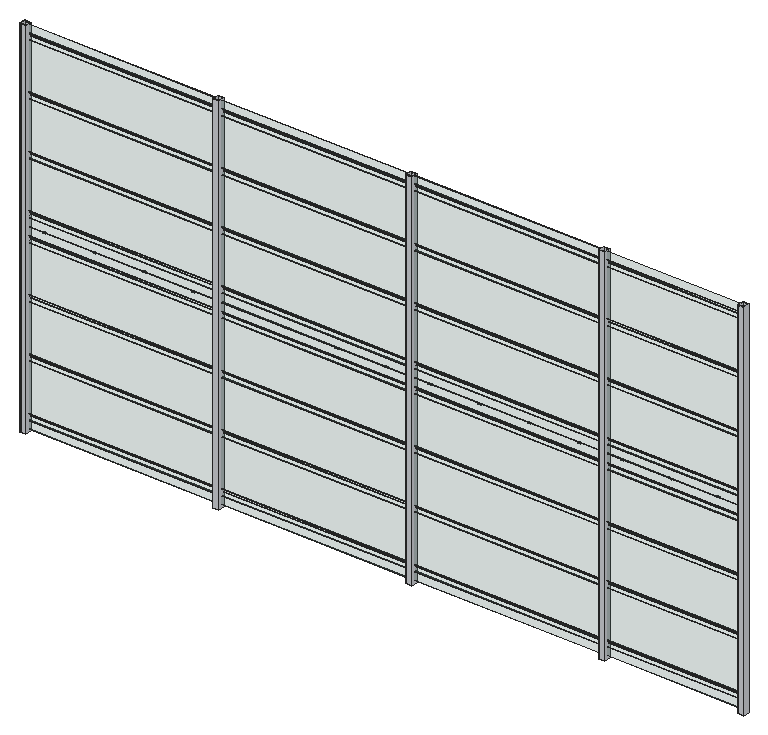
Revit family "Ограждение_Составное_Панель_3D_2500", category Специальное оборудование, Revit 2019 (continued)
Nested families
  nested 107: "В_Метизы" at (6096.667, 0, 2470), type "Метизы"
    with Тип крепежа 1, Путь к таблице "Таблица метизов", ADSK_Наименование "Комплект метизов «В» для крепления скобы F24 (Винт М6х30 ISO 7380 А2 - 4 шт., Шайба D6 DIN 125 А2 - 4 шт.,Шайба 6 DIN 127 А2 - 4 шт.)", ADSK_Комплект "Ограждение", ADSK_Количество 1, ADSK_Код изделия "8932"
  nested 108: "В_Метизы" at (7430, 0, 2470), type "Метизы"
    with Тип крепежа 1, Путь к таблице "Таблица метизов", ADSK_Наименование "Комплект метизов «В» для крепления скобы F24 (Винт М6х30 ISO 7380 А2 - 4 шт., Шайба D6 DIN 125 А2 - 4 шт.,Шайба 6 DIN 127 А2 - 4 шт.)", ADSK_Комплект "Ограждение", ADSK_Количество 1, ADSK_Код изделия "8932"
  nested 109: "В_Метизы" at (5430, 0, 2470), type "Метизы"
    with Тип крепежа 1, Путь к таблице "Таблица метизов", ADSK_Наименование "Комплект метизов «В» для крепления скобы F24 (Винт М6х30 ISO 7380 А2 - 4 шт., Шайба D6 DIN 125 А2 - 4 шт.,Шайба 6 DIN 127 А2 - 4 шт.)", ADSK_Комплект "Ограждение", ADSK_Количество 1, ADSK_Код изделия "8932"
  nested 110: "В_Крепеж" at (8630, 0, 2470), type "Крепеж"
    with Ширина столба 0 mm, Тип крепежа 1, Путь к таблице "Таблица крепежей", Видимость метизов yes, Y насадка no, ADSK_Обозначение "Крепеж", ADSK_Наименование "Скоба F24", ADSK_Комплект "Ограждение", ADSK_Количество 1, ADSK_Код изделия "15512K"
  nested 111: "В_Метизы" at (8650, 0, 2470), type "Метизы"
    with Тип крепежа 1, Путь к таблице "Таблица метизов", ADSK_Наименование "Комплект метизов «В» для крепления скобы F24 (Винт М6х30 ISO 7380 А2 - 4 шт., Шайба D6 DIN 125 А2 - 4 шт.,Шайба 6 DIN 127 А2 - 4 шт.)", ADSK_Комплект "Ограждение", ADSK_Количество 1, ADSK_Код изделия "8932"
Definition of nested family "В_Столб"
  Parameters (values of type "Столб")
    Условное обозначение [instance] = yes
    Тип крепежа [instance] = 1
    Таблица [instance] = "Столб новый"  # constant formula
    С фланцем под в.о. [instance] = no
    С фланцем [instance] = no
    Под насадку число [instance] = 1  # constant formula
    Под насадку [instance] = no
    Под бетонирование [instance] = yes
    Ограничитель крепежа [instance] = if(Тип крепежа < 0, 0, if(Тип крепежа > 4, 4, Тип крепежа))  # 1
    Крепеж в массиве [instance] = if(Под насадку, if(Высота забора < 3030 mm, if(N крепежа в массиве < 2, 2, N крепежа в массиве), 5) - 1, if(Высота забора < 3030 mm, if(N крепежа в массиве < 2, 2, N крепежа в массиве), 5))  # 5
    Manufacturer = [ADSK_Завод-изготовитель]  # "FENSYS"
    Длина под бетонирование [instance] = if(Под бетонирование, 500 mm, 0 mm)  # 500 mm
    Высота сваи [instance] = 1000 mm
    Диаметр сваи [instance] = 56 mm
    Высота забора [instance] = 5000 mm
    Выбор типа крепления [instance] = if(Под бетонирование, 1, if(С фланцем, 2, 0))  # 1
    URL = "https://www.fensys.ru/produkciya/vintovye-opory_1.html"
    N крепежа в массиве [instance] = rounddown(Высота забора / 485 mm)  # 10
    ADSK_Размер_Ширина [instance] = 40 mm
    ADSK_Размер_Толщина стенки [instance] = 2 mm
    ADSK_Размер_Глубина [instance] = 60 mm
    ADSK_Размер_Высота [instance] = Высота забора  # 5000 mm
    ADSK_Обозначение [instance] = if(С фланцем, "SIT", if(С фланцем под в.о., "SITgs", "SI"))  # "SI"
    ADSK_Наименование [instance] = size_lookup(Таблица, "", "Столб не найден, проверьте параметры", ADSK_Размер_Высота, ADSK_Размер_Ширина, ADSK_Размер_Глубина, ADSK_Размер_Толщина стенки, Выбор типа крепления, Под насадку число)  # "Столб ограждения (под насадку): профиль 40x60x2 мм, L= 5000 мм, под бетонирование"
    ADSK_Материал = none
    ADSK_Масса [instance] = size_lookup(Таблица, "ADSK_Масса", 0, ADSK_Размер_Высота, ADSK_Размер_Ширина, ADSK_Размер_Глубина, ADSK_Размер_Толщина стенки, Выбор типа крепления)  # 14.5
    ADSK_Комплект [instance] = "Ограждение"
    ADSK_Код изделия [instance] = size_lookup(Таблица, "ADSK_Код изделия", "Код столба не найден, проверьте параметры", ADSK_Размер_Высота, ADSK_Размер_Ширина, ADSK_Размер_Глубина, ADSK_Размер_Толщина стенки, Выбор типа крепления, Под насадку число)  # "23187N"
    ADSK_Завод-изготовитель = "FENSYS"  # constant formula
    ADSK_Единица измерения = "шт."  # constant formula
  Reference planes
    plane 1 "По центру (Вперед/Назад)": y = 0
    plane 2: z = 0
    plane 3 "По центру (Влево/Вправо)": x = 0
    plane 4: z = 5000
    plane 5: x = -20
    plane 6: x = 20
    plane 7: y = 30
    plane 8: y = -30
    plane 9: z = -500
    plane 10: z = 5000
  Forms (mm)
    Extrusion 1, solid
      sketch origin (0, 0, 0) x (1, 0, 0) y (0, 1, 0)
        loop
          line (-20, 30) -> (-20, -30) -> (20, -30) -> (20, 30) -> (-20, 30)
        loop
          line (-18, 28) -> (-18, -28) -> (18, -28) -> (18, 28) -> (-18, 28)
      from -500 to 5000
  Dimensions and locks
    equal spacing: plane 5, plane 3 "По центру (Влево/Вправо)", plane 6
    "ADSK_Размер_Ширина": plane 5 to plane 6
    "ADSK_Размер_Глубина": plane 8 to plane 7
    equal spacing: plane 8, plane 1 "По центру (Вперед/Назад)", plane 7
    "ADSK_Размер_Толщина стенки": Extrusion 1 sketch curve to plane 6
    "ADSK_Размер_Толщина стенки": plane 8 to Extrusion 1 sketch curve
    "ADSK_Размер_Толщина стенки": plane 7 to Extrusion 1 sketch curve
    "ADSK_Размер_Толщина стенки": plane 5 to Extrusion 1 sketch curve
    plane 4 to plane 2 = 5000 mm
    "Длина под бетонирование": level to plane 9
    nested 2 to plane 2 = 104.903 mm
    equal spacing: group 1, group 3, group 4, group 5, group 2  (x3)
    locked: plane 10 to nested 3 at 35
    "Высота забора": level to plane 10
    aligned and locked: level to plane 2
    aligned and locked: plane 4 to Extrusion 1
    aligned and locked: plane 6 to Extrusion 1
    aligned and locked: plane 5 to Extrusion 1
    aligned and locked: plane 8 to Extrusion 1
    aligned and locked: plane 7 to Extrusion 1
    aligned and locked: plane 3 "По центру (Влево/Вправо)" to nested 1
    aligned and locked: plane 1 "По центру (Вперед/Назад)" to nested 1
    aligned and locked: Extrusion 1 to plane 9
    aligned and locked: plane 3 "По центру (Влево/Вправо)" to nested 2
    aligned and locked: plane 3 "По центру (Влево/Вправо)" to nested 4
    aligned and locked: nested 10 to plane 1 "По центру (Вперед/Назад)"
    aligned and locked: plane 4 to plane 10
  Automatic sketch dimensions
    Extrusion 1 sketch curve to plane 5 = 0 mm
    Extrusion 1 sketch curve to plane 6 = 0 mm
    plane 8 to Extrusion 1 sketch curve = 0 mm
    Extrusion 1 sketch curve to plane 7 = 0 mm
  Nested families
    nested 1: "В_Винтовая опора" at (0, 0, 0), Ширина столба <- "ADSK_Размер_Ширина", Глубина столба <- "ADSK_Размер_Глубина", Диаметр сваи <- "Диаметр сваи", visible <- "С фланцем под в.о.", Высота сваи <- "Высота сваи", ADSK_Комплект <- "ADSK_Комплект", type "Свая"
      with Ширина столба 40 mm, Путь к таблице "Опора имя", Диаметр сваи 56 mm, Глубина столба 60 mm, Высота сваи 1000 mm, ADSK_Наименование "Свая не найдена, проверьте параметры", ADSK_Масса 0, ADSK_Комплект "Ограждение", ADSK_Завод-изготовитель "FENSYS", ADSK_Единица измерения "шт."
    nested 2: "В_Крепеж" at (0, 0, 104.903), Тип крепежа <- "Ограничитель крепежа", ADSK_Комплект <- "ADSK_Комплект", type "Крепеж"
      with Ширина столба 0 mm, Тип крепежа 1, Путь к таблице "Таблица крепежей", Видимость метизов yes, Y насадка no, ADSK_Обозначение "Крепеж", ADSK_Наименование "Скоба F24", ADSK_Комплект "Ограждение", ADSK_Количество 1, ADSK_Код изделия "15512K"
    nested 3: "В_Крепеж" at (0, 0, 4965), Тип крепежа <- "Ограничитель крепежа", ADSK_Комплект <- "ADSK_Комплект", type "Крепеж"
      with Ширина столба 0 mm, Тип крепежа 1, Путь к таблице "Таблица крепежей", Видимость метизов yes, Y насадка no, ADSK_Обозначение "Крепеж", ADSK_Наименование "Скоба F24", ADSK_Комплект "Ограждение", ADSK_Количество 1, ADSK_Код изделия "15512K"
    nested 4: "В_Крепеж" at (0, 0, 1319.928), Тип крепежа <- "Ограничитель крепежа", ADSK_Комплект <- "ADSK_Комплект", type "Крепеж"
      with Ширина столба 0 mm, Тип крепежа 1, Путь к таблице "Таблица крепежей", Видимость метизов yes, Y насадка no, ADSK_Обозначение "Крепеж", ADSK_Наименование "Скоба F24", ADSK_Комплект "Ограждение", ADSK_Количество 1, ADSK_Код изделия "15512K"
    nested 5: "В_Крепеж" at (0, 0, 2534.952), Тип крепежа <- "Ограничитель крепежа", ADSK_Комплект <- "ADSK_Комплект", type "Крепеж"
      with Ширина столба 0 mm, Тип крепежа 1, Путь к таблице "Таблица крепежей", Видимость метизов yes, Y насадка no, ADSK_Обозначение "Крепеж", ADSK_Наименование "Скоба F24", ADSK_Комплект "Ограждение", ADSK_Количество 1, ADSK_Код изделия "15512K"
    nested 6: "В_Метизы" at (20, 0, 2534.952), type "Метизы"
      with Тип крепежа 1, Путь к таблице "Таблица метизов", ADSK_Наименование "Комплект метизов «В» для крепления скобы F24 (Винт М6х30 ISO 7380 А2 - 4 шт., Шайба D6 DIN 125 А2 - 4 шт.,Шайба 6 DIN 127 А2 - 4 шт.)", ADSK_Комплект "Ограждение", ADSK_Количество 1, ADSK_Код изделия "8932"
    nested 7: "В_Метизы" at (20, 0, 104.903), type "Метизы"
      with Тип крепежа 1, Путь к таблице "Таблица метизов", ADSK_Наименование "Комплект метизов «В» для крепления скобы F24 (Винт М6х30 ISO 7380 А2 - 4 шт., Шайба D6 DIN 125 А2 - 4 шт.,Шайба 6 DIN 127 А2 - 4 шт.)", ADSK_Комплект "Ограждение", ADSK_Количество 1, ADSK_Код изделия "8932"
    nested 8: "В_Метизы" at (20, 0, 4965), type "Метизы"
      with Тип крепежа 1, Путь к таблице "Таблица метизов", ADSK_Наименование "Комплект метизов «В» для крепления скобы F24 (Винт М6х30 ISO 7380 А2 - 4 шт., Шайба D6 DIN 125 А2 - 4 шт.,Шайба 6 DIN 127 А2 - 4 шт.)", ADSK_Комплект "Ограждение", ADSK_Количество 1, ADSK_Код изделия "8932"
    nested 9: "В_Метизы" at (20, 0, 1319.928), type "Метизы"
      with Тип крепежа 1, Путь к таблице "Таблица метизов", ADSK_Наименование "Комплект метизов «В» для крепления скобы F24 (Винт М6х30 ISO 7380 А2 - 4 шт., Шайба D6 DIN 125 А2 - 4 шт.,Шайба 6 DIN 127 А2 - 4 шт.)", ADSK_Комплект "Ограждение", ADSK_Количество 1, ADSK_Код изделия "8932"
    nested 10: "Типовая аннотация" at (0, 0, 0) x (0, 1, 0) z (0, 0, 1), visible <- "Условное обозначение", type "Типовая аннотация"
      with Ширина 8 mm, Высота 8 mm
    nested 11: "В_Крепеж" at (0, 0, 3749.976), Тип крепежа <- "Ограничитель крепежа", ADSK_Комплект <- "ADSK_Комплект", type "Крепеж"
      with Ширина столба 0 mm, Тип крепежа 1, Путь к таблице "Таблица крепежей", Видимость метизов yes, Y насадка no, ADSK_Обозначение "Крепеж", ADSK_Наименование "Скоба F24", ADSK_Комплект "Ограждение", ADSK_Количество 1, ADSK_Код изделия "15512K"
    nested 12: "В_Метизы" at (20, 0, 3749.976), type "Метизы"
      with Тип крепежа 1, Путь к таблице "Таблица метизов", ADSK_Наименование "Комплект метизов «В» для крепления скобы F24 (Винт М6х30 ISO 7380 А2 - 4 шт., Шайба D6 DIN 125 А2 - 4 шт.,Шайба 6 DIN 127 А2 - 4 шт.)", ADSK_Комплект "Ограждение", ADSK_Количество 1, ADSK_Код изделия "8932"
  Definition of nested family "В_Винтовая опора"
    Parameters (values of type "Свая")
      Ширина столба [instance] = 60 mm
      Путь к таблице [instance] = "Опора имя"  # constant formula
      Диаметр сваи [instance] = 57 mm
      Глубина столба [instance] = 60 mm
      Высота сваи [instance] = 1000 mm
      URL = "https://www.fensys.ru/produkciya/zabivnye-svai_1.html"
      ADSK_Наименование [instance] = size_lookup(Путь к таблице, "", "Свая не найдена, проверьте параметры", Высота сваи, Диаметр сваи, Ширина столба, Глубина столба)  # "Винтовая опора 57х1000 фланец под столб 60х60"
      ADSK_Масса [instance] = size_lookup(Путь к таблице, "ADSK_Масса", 0, Высота сваи, Диаметр сваи, Ширина столба, Глубина столба)  # 5.5
      ADSK_Комплект [instance] = "Ограждение"
      ADSK_Завод-изготовитель [instance] = "FENSYS"  # constant formula
      ADSK_Единица измерения [instance] = "шт."  # constant formula
    Reference planes
      plane 1 "По центру (Вперед/Назад)": y = 0
      plane 2: z = 0
      plane 3 "По центру (Влево/Вправо)": x = 0
      plane 4 "Низ сваи": z = -1000
    Forms (mm)
      Blend 1, solid
        base sketch origin (0, 0, 0) x (1, 0, 0) y (0, 1, 0)
          loop
            circle (0, 0) r 20
        top sketch origin (0, 0, 0) x (1, 0, 0) y (0, 1, 0)
          loop
            circle (0, 0) r 57
        from -1000 to 0
    Dimensions and locks
      "Высота сваи": level to plane 4 "Низ сваи"
      "Диаметр сваи": radius of Blend 1 sketch curve
      aligned and locked: level to plane 2
      aligned and locked: level to Blend 1
      aligned and locked: Blend 1 to level
      aligned and locked: Blend 1 to plane 4 "Низ сваи"
    Automatic sketch dimensions
      plane 1 "По центру (Вперед/Назад)" to Blend 1 sketch curve = 0 mm  (x2)
      Blend 1 sketch curve to plane 3 "По центру (Влево/Вправо)" = 0 mm  (x2)
      radius of Blend 1 sketch curve = 20 mm
  Definition of nested family "В_Крепеж"
    Parameters (values of type "Крепеж")
      Ширина столба [instance] = 0 mm
      Тип крепежа [instance] = 5
      Путь к таблице [instance] = "Таблица крепежей"  # constant formula
      Manufacturer = [ADSK_Завод-изготовитель]  # "FENSYS"
      Model = "Насадки"
      Видимость метизов [instance] = not(Тип крепежа = 5)  # no
      Y насадка [instance] = yes
      URL = "https://www.fensys.ru/produkciya/krepyozh.html"
      ADSK_Обозначение [instance] = "Крепеж"  # constant formula
      ADSK_Наименование [instance] = size_lookup(Путь к таблице, "", "Не найдено", Тип крепежа)  # "Комплект крепления СББ/ПББ к насадке (Болт М6х25 DIN 933 оц - 4 шт., Зажим для крепления струны/проволоки - 4 шт., Шайба D6 DIN 125 оц. - 8 шт.,  Гайка М6 кл.8.0 DIN 934 оц. - 4 шт.)"
      ADSK_Комплект [instance] = ""
      ADSK_Количество [instance] = 1  # constant formula
      ADSK_Код изделия [instance] = size_lookup(Путь к таблице, "ADSK_Код изделия", "Не найдено", Тип крепежа)  # "8927"
      ADSK_Завод-изготовитель = "FENSYS"  # constant formula
      ADSK_Единица измерения = "шт."  # constant formula
    Reference planes
      plane 1 "По центру (Вперед/Назад)": y = 0
      plane 2: z = 0
      plane 3 "По центру (Влево/Вправо)": x = 0
      plane 4: z = 0
    Forms (mm)
      Extrusion 1, solid
        sketch origin (0, -3, 0) x (1, 0, 0) y (0, 1, 0)
          loop
            line (-20, 5.5) -> (-20, 0.5) -> (20, 0.5) -> (20, 5.5) -> (-20, 5.5)
        from -4.311 to 4.311
    Dimensions and locks
      locked: Extrusion 1 sketch curve to Extrusion 1 sketch curve at 5
      locked: Extrusion 1 sketch curve to Extrusion 1 sketch curve at 40
      aligned and locked: level to plane 2
    Nested families
      nested 1: "В_Метизы" at (20, 0, 0), Тип крепежа <- "Тип крепежа", ADSK_Комплект <- "ADSK_Комплект", visible <- "Видимость метизов", type "Метизы"
        with Тип крепежа 5, Путь к таблице "Таблица метизов", ADSK_Наименование "Комплект крепления СББ/ПББ к насадке (Болт М6х25 DIN 933 оц - 4 шт., Зажим для крепления струны/проволоки - 4 шт., Шайба D6 DIN 125 оц. - 8 шт.,  Гайка М6 кл.8.0 DIN 934 оц. - 4 шт.)", ADSK_Комплект "", ADSK_Количество 1, ADSK_Код изделия "8927"
      nested 2: "В_Метизы" at (-20, 0, 0), visible <- "Y насадка", Тип крепежа <- "Тип крепежа", ADSK_Комплект <- "ADSK_Комплект", type "Метизы"
        with Тип крепежа 5, Путь к таблице "Таблица метизов", ADSK_Наименование "Комплект крепления СББ/ПББ к насадке (Болт М6х25 DIN 933 оц - 4 шт., Зажим для крепления струны/проволоки - 4 шт., Шайба D6 DIN 125 оц. - 8 шт.,  Гайка М6 кл.8.0 DIN 934 оц. - 4 шт.)", ADSK_Комплект "", ADSK_Количество 1, ADSK_Код изделия "8927"
    Definition of nested family "В_Метизы"
      Parameters (values of type "Метизы")
        Тип крепежа [instance] = 1
        Путь к таблице [instance] = "Таблица метизов"  # constant formula
        Manufacturer = [ADSK_Завод-изготовитель]  # "FENSYS"
        URL = "https://www.fensys.ru/produkciya/krepyozh.html"
        ADSK_Наименование [instance] = size_lookup(Путь к таблице, "", "Не найдено", Тип крепежа)  # "Комплект метизов «В» для крепления скобы F24 (Винт М6х30 ISO 7380 А2 - 4 шт., Шайба D6 DIN 125 А2 - 4 шт.,Шайба 6 DIN 127 А2 - 4 шт.)"
        ADSK_Комплект [instance] = "Ограждение"
        ADSK_Количество [instance] = 1  # constant formula
        ADSK_Код изделия [instance] = size_lookup(Путь к таблице, "ADSK_Код изделия", "Не найдено", Тип крепежа)  # "8932"
        ADSK_Завод-изготовитель = "FENSYS"  # constant formula
        ADSK_Единица измерения = "шт."  # constant formula
      Reference planes
        plane 1 "По центру (Вперед/Назад)": y = 0
        plane 2: z = 0
        plane 3 "По центру (Влево/Вправо)": x = 0
        plane 4: z = 0
      Lines and regions (mm)
        reference lines
          curve 1: circle (0, 0, 0) r 0.299 normal (0, -1, 0)
        model lines
          curve 2: circle (0, 0, 0) r 0.3 normal (0, -1, 0)
      Dimensions and locks
        aligned and locked: level to plane 2
  Definition of nested family "В_Метизы"
    Parameters (values of type "Метизы")
      Тип крепежа [instance] = 1
      Путь к таблице [instance] = "Таблица метизов"  # constant formula
      Manufacturer = [ADSK_Завод-изготовитель]  # "FENSYS"
      URL = "https://www.fensys.ru/produkciya/krepyozh.html"
      ADSK_Наименование [instance] = size_lookup(Путь к таблице, "", "Не найдено", Тип крепежа)  # "Комплект метизов «В» для крепления скобы F24 (Винт М6х30 ISO 7380 А2 - 4 шт., Шайба D6 DIN 125 А2 - 4 шт.,Шайба 6 DIN 127 А2 - 4 шт.)"
      ADSK_Комплект [instance] = "Ограждение"
      ADSK_Количество [instance] = 1  # constant formula
      ADSK_Код изделия [instance] = size_lookup(Путь к таблице, "ADSK_Код изделия", "Не найдено", Тип крепежа)  # "8932"
      ADSK_Завод-изготовитель = "FENSYS"  # constant formula
      ADSK_Единица измерения = "шт."  # constant formula
    Reference planes
      plane 1 "По центру (Вперед/Назад)": y = 0
      plane 2: z = 0
      plane 3 "По центру (Влево/Вправо)": x = 0
      plane 4: z = 0
    Lines and regions (mm)
      reference lines
        curve 1: circle (0, 0, 0) r 0.299 normal (0, -1, 0)
      model lines
        curve 2: circle (0, 0, 0) r 0.3 normal (0, -1, 0)
    Dimensions and locks
      aligned and locked: level to plane 2
  Definition of nested family "Типовая аннотация"
    Parameters (values of type "Типовая аннотация")
      Ширина [instance] = 10 mm
      Высота [instance] = 10 mm
    Reference planes
      plane 1: y = 0
      plane 2: x = 0
    Lines and regions (mm)
      detail lines
        curve 1: line (-5, 5, 0) -> (5, 5, 0)
        curve 2: line (-5, -5, 0) -> (-5, 5, 0)
        curve 3: line (5, -5, 0) -> (-5, -5, 0)
        curve 4: line (5, 5, 0) -> (5, -5, 0)
      reference lines
        curve 5: line (-5, 0, 0) -> (5, 0, 0)
        curve 6: line (0, -5, 0) -> (0, 5, 0)
        curve 7: line (5, -5, 0) -> (5, 5, 0)
        curve 8: line (-5, -5, 0) -> (-5, 5, 0)
        curve 9: line (5, 5, 0) -> (-5, 5, 0)
        curve 10: line (5, -5, 0) -> (-5, -5, 0)
    Dimensions and locks
      "Высота": curve 9 to curve 10
      "Ширина": curve 8 to curve 7
      equal spacing: curve 10, plane 1, curve 9
      equal spacing: curve 8, curve 6, curve 7
      aligned and locked: plane 1 to curve 5
      aligned and locked: plane 2 to curve 6
      aligned and locked: curve 8 to curve 2
      aligned and locked: curve 1 to curve 9
      aligned and locked: curve 4 to curve 7
      aligned and locked: curve 3 to curve 10
Definition of nested family "В_Панель"
  Parameters (values of type "Панель")
    Толщина панели = 8 mm
    Тип крепежа [instance] = 0
    Таблица масса [instance] = "Панель масса"  # constant formula
    Расчетная длина [instance] = ADSK_Размер_Ширина + Отступ панели * 2  # 2600 mm
    Размер ячейки [instance] = 1
    Размер прутка [instance] = 2
    Таблица поиска = "Панель имя"  # constant formula
    Отступ панели от основания [instance] = 100 mm
    Отступ панели [instance] = 50 mm
    Manufacturer = [ADSK_Завод-изготовитель]  # "FENSYS"
    Высота дубляж [instance] = if(not(ADSK_Размер_Высота > 1530 mm), Высота V2, Высота V4)  # 1430 mm
    Высота V5 [instance] = if(V5, ADSK_Размер_Высота, 3030 mm)  # 3030 mm
    Высота V4 [instance] = if(V4, ADSK_Размер_Высота, 2830 mm)  # 2830 mm
    Высота V3 [instance] = if(V3, ADSK_Размер_Высота, 1930 mm)  # 1930 mm
    Высота V2 [instance] = if(V2, ADSK_Размер_Высота, 1430 mm)  # 1430 mm
    V5 [instance] = and(ADSK_Размер_Высота > 2830 mm, not(ADSK_Размер_Высота > 3030 mm))  # no
    V4 [instance] = and(ADSK_Размер_Высота > 1930 mm, not(ADSK_Размер_Высота > 2830 mm))  # no
    V3 [instance] = and(ADSK_Размер_Высота > 1430 mm, not(ADSK_Размер_Высота > 1930 mm))  # no
    V2 [instance] = not(ADSK_Размер_Высота > 1430 mm)  # yes
    URL = "https://www.fensys.ru/produkciya/3d-zabory.html"
    ADSK_Размер_Ширина [instance] = 2500 mm
    ADSK_Размер_Высота [instance] = 1430 mm
    ADSK_Примечание [instance] = ""
    ADSK_Обозначение [instance] = if(Размер ячейки = 1, "GUARD-G", if(Размер ячейки = 2, "GUARD-T", "GUARD"))  # "GUARD-G"
    ADSK_Наименование [instance] = size_lookup(Таблица поиска, "", "Панель под подрезку", ADSK_Размер_Ширина, ADSK_Размер_Высота, Размер ячейки, Размер прутка)  # "Панель 3D серии GUARD-T: HxW (высота х ширина) 1430x2505 (+-2) мм, пруток D=5 мм, ячейка = 50х150 мм, V-образных изгибов 2"
    ADSK_Материал = none
    ADSK_Масса [instance] = size_lookup(Таблица масса, "ADSK_Масса", 0, ADSK_Размер_Ширина, ADSK_Размер_Высота, Размер ячейки, Размер прутка)  # 15.6
    ADSK_Комплект [instance] = "Ограждение"
    ADSK_Код изделия [instance] = size_lookup(Таблица поиска, "ADSK_Код изделия", " ", ADSK_Размер_Ширина, ADSK_Размер_Высота, Размер ячейки, Размер прутка)  # "16850"
    ADSK_Завод-изготовитель = "FENSYS"  # constant formula
    ADSK_Единица измерения = "шт."  # constant formula
  Reference planes
    plane 1 "По центру (Вперед/Назад)": y = 0
    plane 2 "Низ панели": z = 0
    plane 3 "По центру (Влево/Вправо)": x = 0
    plane 4: x = 2550
    plane 5: x = 50
    plane 6 "Верх панели": z = 2930
    plane 7: x = 2600
    plane 8: z = 100
    plane 9: y = -4
    plane 10: y = 4
    plane 11: z = 1515.128
    plane 12: z = 250
    plane 13: z = 1430
    plane 14: z = 210
    plane 15: z = 290
    plane 16: z = 1470
    plane 17: z = 1390
    plane 18: y = 30
    plane 19: z = 1530
    plane 20: z = 250
    plane 21: z = 2780
    plane 22: z = 210
    plane 23: z = 290
    plane 24: z = 2820
    plane 25: z = 2740
    plane 26: y = 30
    plane 27: z = 1936.667
    plane 28: z = 1093.333
    plane 29: z = 1976.667
    plane 30: z = 1896.667
    plane 31: z = 1053.333
    plane 32: z = 1133.333
    plane 33: z = 250
    plane 34: z = 1880
    plane 35: z = 210
    plane 36: z = 290
    plane 37: z = 1920
    plane 38: z = 1840
    plane 39: y = 30
    plane 40: z = 1065
    plane 41: z = 1025
    plane 42: z = 1105
    plane 43 "По центру Л/Р": z = 2030
    plane 44: z = 250
    plane 45: z = 2980
    plane 46: z = 210
    plane 47: z = 290
    plane 48: z = 3020
    plane 49: z = 2940
    plane 50: y = 30
    plane 51: z = 2297.5
    plane 52: z = 932.5
    plane 53: z = 2337.5
    plane 54: z = 2257.5
    plane 55: z = 892.5
    plane 56: z = 972.5
    plane 57 "V5": z = 3130
    plane 58: z = 1615
    plane 59: z = 1575
    plane 60: z = 1655
    plane 61 "Высота для крепежа": z = 1530
  Forms (mm)
    Extrusion 1, solid, material <- "ADSK_Материал", visible <- "V2", detail levels medium+fine
      sketch origin (0, 0, 0) x (0, 1, 0) y (0, 0, 1)
        loop
          line (-4, 1530) -> (-4, 1470) -> (22, 1430) -> (-4, 1390) -> (-4, 290) -> (22, 250) -> (-4, 210) -> (-4, 100) -> (4, 100) -> (4, 210) -> (30, 250) -> (4, 290) -> (4, 1390) -> (30, 1430) -> (4, 1470) -> (4, 1530) -> (-4, 1530)
      from 50 to 2550
    Extrusion 2, solid, material <- "ADSK_Материал", visible <- "V4", detail levels medium+fine
      sketch origin (0, 0, 119.872) x (0, 1, 0) y (0, 0, 1)
        loop
          line (-4, 2810.128) -> (-4, 2700.128) -> (22, 2660.128) -> (-4, 2620.128) -> (-4, 1856.795) -> (22, 1816.795) -> (-4, 1776.795) -> (-4, 1013.462) -> (22, 973.462) -> (-4, 933.462) -> (-4, 170.128) -> (22, 130.128) -> (-4, 90.128) -> (-4, -19.872) -> (4, -19.872) -> (4, 90.128) -> (30, 130.128) -> (4, 170.128) -> (4, 933.462) -> (30, 973.462) -> (4, 1013.462) -> (4, 1776.795) -> (30, 1816.795) -> (4, 1856.795) -> (4, 2620.128) -> (30, 2660.128) -> (4, 2700.128) -> (4, 2810.128) -> (-4, 2810.128)
      from 50 to 2550
    Extrusion 3, solid, material <- "ADSK_Материал", visible <- "V3", detail levels medium+fine
      sketch origin (0, 0, 119.872) x (0, 1, 0) y (0, 0, 1)
        loop
          line (-4, 1910.128) -> (-4, 1800.128) -> (22, 1760.128) -> (-4, 1720.128) -> (-4, 985.128) -> (22, 945.128) -> (-4, 905.128) -> (-4, 170.128) -> (22, 130.128) -> (-4, 90.128) -> (-4, -19.872) -> (4, -19.872) -> (4, 90.128) -> (30, 130.128) -> (4, 170.128) -> (4, 905.128) -> (30, 945.128) -> (4, 985.128) -> (4, 1720.128) -> (30, 1760.128) -> (4, 1800.128) -> (4, 1910.128) -> (-4, 1910.128)
      from 50 to 2550
    Extrusion 4, solid, material <- "ADSK_Материал", visible <- "V5", detail levels medium+fine
      sketch origin (0, 0, 119.872) x (0, 1, 0) y (0, 0, 1)
        loop
          line (-4, 3010.128) -> (-4, 2900.128) -> (22, 2860.128) -> (-4, 2820.128) -> (-4, 2217.628) -> (22, 2177.628) -> (-4, 2137.628) -> (-4, 1535.128) -> (22, 1495.128) -> (-4, 1455.128) -> (-4, 852.628) -> (22, 812.628) -> (-4, 772.628) -> (-4, 170.128) -> (22, 130.128) -> (-4, 90.128) -> (-4, -19.872) -> (4, -19.872) -> (4, 90.128) -> (30, 130.128) -> (4, 170.128) -> (4, 772.628) -> (30, 812.628) -> (4, 852.628) -> (4, 1455.128) -> (30, 1495.128) -> (4, 1535.128) -> (4, 2137.628) -> (30, 2177.628) -> (4, 2217.628) -> (4, 2820.128) -> (30, 2860.128) -> (4, 2900.128) -> (4, 3010.128) -> (-4, 3010.128)
      from 50 to 2550
    Extrusion 5, solid, material <- "ADSK_Материал", detail levels coarse
      sketch origin (0, 0, 0) x (1, 0, 0) y (0, 1, 0)
        loop
          line (50, 4) -> (50, -4) -> (2550, -4) -> (2550, 4) -> (50, 4)
      from 100 to 1530
  Dimensions and locks
    "ADSK_Размер_Ширина": plane 5 to plane 4
    "Отступ панели": plane 4 to plane 7
    "Отступ панели": plane 3 "По центру (Влево/Вправо)" to plane 5
    "Расчетная длина": plane 3 "По центру (Влево/Вправо)" to plane 7
    "Отступ панели от основания": plane 8 to level
    equal spacing: plane 9, plane 1 "По центру (Вперед/Назад)", plane 10
    "Толщина панели": plane 10 to plane 9
    "Высота V4": plane 6 "Верх панели" to plane 8
    locked: plane 12 to plane 8 at 150
    locked: plane 12 to plane 14 at 40
    equal spacing: plane 15, plane 12, plane 14
    locked: plane 13 to plane 17 at 40
    equal spacing: plane 16, plane 13, plane 17
    locked: plane 1 "По центру (Вперед/Назад)" to plane 18 at 30
    locked: plane 19 to plane 13 at 100
    "Высота V2": plane 19 to plane 8
    locked: plane 20 to plane 22 at 40
    equal spacing: plane 23, plane 20, plane 22
    locked: plane 21 to plane 25 at 40
    equal spacing: plane 24, plane 21, plane 25
    equal spacing: plane 21, plane 27, plane 28, plane 20
    locked: plane 27 to plane 30 at 40
    locked: plane 32 to plane 28 at 40
    equal spacing: plane 29, plane 27, plane 30
    equal spacing: plane 32, plane 28, plane 31
    Extrusion 2 sketch curve to Extrusion 2 sketch curve = 8 mm  (x2)
    locked: plane 6 "Верх панели" to plane 21 at 150
    locked: plane 20 to plane 8 at 150
    locked: plane 33 to plane 35 at 40
    equal spacing: plane 36, plane 33, plane 35
    locked: plane 34 to plane 38 at 40
    equal spacing: plane 37, plane 34, plane 38
    equal spacing: plane 34, plane 40, plane 33
    locked: plane 42 to plane 40 at 40
    equal spacing: plane 42, plane 40, plane 41
    Extrusion 3 sketch curve to Extrusion 3 sketch curve = 8 mm
    plane 33 to plane 8 = 150 mm
    "Высота V3": plane 43 "По центру Л/Р" to plane 8
    locked: plane 43 "По центру Л/Р" to plane 34 at 150
    locked: plane 44 to plane 46 at 40
    equal spacing: plane 47, plane 44, plane 46
    locked: plane 45 to plane 49 at 40
    equal spacing: plane 48, plane 45, plane 49
    equal spacing: plane 45, plane 51, plane 58, plane 52, plane 44
    locked: plane 51 to plane 54 at 40
    locked: plane 56 to plane 52 at 40
    equal spacing: plane 53, plane 51, plane 54
    equal spacing: plane 56, plane 52, plane 55
    Extrusion 4 sketch curve to Extrusion 4 sketch curve = 8 mm  (x3)
    locked: plane 44 to plane 8 at 150
    locked: plane 57 "V5" to plane 45 at 150
    locked: plane 60 to plane 58 at 40
    equal spacing: plane 60, plane 58, plane 59
    "Высота V5": plane 57 "V5" to plane 8
    "ADSK_Размер_Высота": plane 61 "Высота для крепежа" to plane 8
    aligned and locked: level to plane 2 "Низ панели"
    aligned and locked: plane 16 to Extrusion 1 sketch curve  (x2)
    aligned and locked: plane 13 to Extrusion 1 sketch curve  (x2)
    aligned and locked: plane 18 to Extrusion 1 sketch curve
    aligned and locked: Extrusion 1 sketch curve to plane 18
    aligned and locked: plane 12 to Extrusion 1 sketch curve  (x2)
    aligned and locked: plane 15 to Extrusion 1 sketch curve  (x2)
    aligned and locked: plane 14 to Extrusion 1 sketch curve  (x2)
    aligned and locked: Extrusion 1 sketch curve to plane 9  (x2)
    aligned and locked: Extrusion 1 sketch curve to plane 10  (x3)
    aligned and locked: Extrusion 1 sketch curve to plane 8
    aligned and locked: plane 4 to Extrusion 1
    aligned and locked: Extrusion 1 to plane 5
    aligned and locked: plane 19 to Extrusion 1 sketch curve
    aligned and locked: plane 24 to Extrusion 2 sketch curve  (x2)
    aligned and locked: plane 21 to Extrusion 2 sketch curve  (x2)
    aligned and locked: plane 26 to Extrusion 2 sketch curve  (x3)
    aligned and locked: Extrusion 2 sketch curve to plane 26
    aligned and locked: plane 20 to Extrusion 2 sketch curve  (x2)
    aligned and locked: plane 23 to Extrusion 2 sketch curve  (x2)
    aligned and locked: plane 22 to Extrusion 2 sketch curve  (x2)
    aligned and locked: plane 31 to Extrusion 2 sketch curve  (x2)
    aligned and locked: plane 29 to Extrusion 2 sketch curve  (x2)
    aligned and locked: plane 27 to Extrusion 2 sketch curve  (x2)
    aligned and locked: plane 30 to Extrusion 2 sketch curve  (x2)
    aligned and locked: plane 28 to Extrusion 2 sketch curve  (x2)
    aligned and locked: plane 32 to Extrusion 2 sketch curve  (x2)
    aligned and locked: plane 37 to Extrusion 3 sketch curve  (x2)
    aligned and locked: plane 34 to Extrusion 3 sketch curve  (x2)
    aligned and locked: plane 39 to Extrusion 3 sketch curve
    aligned and locked: Extrusion 3 sketch curve to plane 39  (x2)
    aligned and locked: plane 33 to Extrusion 3 sketch curve  (x2)
    aligned and locked: plane 36 to Extrusion 3 sketch curve  (x2)
    aligned and locked: plane 35 to Extrusion 3 sketch curve  (x2)
    aligned and locked: plane 41 to Extrusion 3 sketch curve  (x2)
    aligned and locked: plane 40 to Extrusion 3 sketch curve  (x2)
    aligned and locked: plane 43 "По центру Л/Р" to Extrusion 3
    aligned and locked: plane 48 to Extrusion 4 sketch curve  (x2)
    aligned and locked: plane 45 to Extrusion 4 sketch curve  (x2)
    aligned and locked: plane 50 to Extrusion 4 sketch curve  (x4)
    aligned and locked: Extrusion 4 sketch curve to plane 50
    aligned and locked: plane 44 to Extrusion 4 sketch curve  (x2)
    aligned and locked: plane 47 to Extrusion 4 sketch curve  (x2)
    aligned and locked: plane 46 to Extrusion 4 sketch curve  (x2)
    aligned and locked: plane 55 to Extrusion 4 sketch curve  (x2)
    aligned and locked: plane 53 to Extrusion 4 sketch curve  (x2)
    aligned and locked: plane 51 to Extrusion 4 sketch curve  (x2)
    aligned and locked: plane 54 to Extrusion 4 sketch curve  (x2)
    aligned and locked: plane 52 to Extrusion 4 sketch curve  (x2)
    aligned and locked: plane 56 to Extrusion 4 sketch curve  (x2)
    aligned and locked: plane 57 "V5" to Extrusion 4  (x2)
    aligned and locked: plane 58 to Extrusion 4 sketch curve  (x2)
    aligned and locked: plane 59 to Extrusion 4 sketch curve  (x2)
    aligned and locked: plane 60 to Extrusion 4 sketch curve  (x2)
    aligned and locked: plane 4 to Extrusion 4
    aligned and locked: plane 4 to Extrusion 3
    aligned and locked: Extrusion 4 to plane 4  (x5)
    aligned and locked: plane 4 to Extrusion 2
    aligned and locked: Extrusion 4 to plane 5
    aligned and locked: Extrusion 3 to plane 5
    aligned and locked: Extrusion 2 to plane 5
    aligned and locked: plane 5 to Extrusion 4
    aligned and locked: Extrusion 5 sketch curve to plane 9
    aligned and locked: plane 10 to Extrusion 5 sketch curve
    aligned and locked: Extrusion 5 to plane 5
    aligned and locked: plane 4 to Extrusion 5
    aligned and locked: Extrusion 5 to plane 8
    aligned and locked: Extrusion 5 to plane 61 "Высота для крепежа"
  Automatic sketch dimensions
    Extrusion 1 sketch curve to plane 9 = 0 mm
    Extrusion 1 sketch curve to plane 17 = 0 mm  (x2)
    Extrusion 1 sketch curve to plane 18 = 8 mm
    Extrusion 1 sketch curve to Extrusion 1 sketch curve = 8 mm
    Extrusion 2 sketch curve to plane 6 "Верх панели" = 0 mm
    Extrusion 2 sketch curve to plane 9 = 0 mm  (x5)
    Extrusion 2 sketch curve to plane 8 = 0 mm
    Extrusion 2 sketch curve to plane 10 = 0 mm  (x5)
    Extrusion 2 sketch curve to plane 25 = 0 mm  (x2)
    Extrusion 2 sketch curve to Extrusion 2 sketch curve = 8 mm
    Extrusion 2 sketch curve to plane 26 = 8 mm
    Extrusion 3 sketch curve to plane 9 = 0 mm  (x4)
    Extrusion 3 sketch curve to plane 8 = 0 mm
    Extrusion 3 sketch curve to plane 10 = 0 mm  (x4)
    Extrusion 3 sketch curve to plane 42 = 0 mm  (x2)
    Extrusion 3 sketch curve to plane 38 = 0 mm  (x2)
    Extrusion 3 sketch curve to plane 43 "По центру Л/Р" = 0 mm
    Extrusion 3 sketch curve to plane 39 = 8 mm
    Extrusion 3 sketch curve to Extrusion 3 sketch curve = 8 mm
    plane 6 "Верх панели" to Extrusion 4 sketch curve = 200 mm
    Extrusion 4 sketch curve to plane 8 = 0 mm
    Extrusion 4 sketch curve to plane 49 = 0 mm  (x2)
    Extrusion 4 sketch curve to Extrusion 4 sketch curve = 8 mm  (x7)
    Extrusion 4 sketch curve to plane 50 = 26 mm  (x5)
    Extrusion 4 sketch curve to plane 50 = 8 mm
    Extrusion 4 sketch curve to plane 50 = 34 mm
    plane 5 to Extrusion 5 sketch curve = 0 mm
    Extrusion 5 sketch curve to Extrusion 5 sketch curve = 2500 mm
Definition of nested family "В_Крепеж"
  Parameters (values of type "Крепеж")
    Ширина столба [instance] = 0 mm
    Тип крепежа [instance] = 5
    Путь к таблице [instance] = "Таблица крепежей"  # constant formula
    Manufacturer = [ADSK_Завод-изготовитель]  # "FENSYS"
    Model = "Насадки"
    Видимость метизов [instance] = not(Тип крепежа = 5)  # no
    Y насадка [instance] = yes
    URL = "https://www.fensys.ru/produkciya/krepyozh.html"
    ADSK_Обозначение [instance] = "Крепеж"  # constant formula
    ADSK_Наименование [instance] = size_lookup(Путь к таблице, "", "Не найдено", Тип крепежа)  # "Комплект крепления СББ/ПББ к насадке (Болт М6х25 DIN 933 оц - 4 шт., Зажим для крепления струны/проволоки - 4 шт., Шайба D6 DIN 125 оц. - 8 шт.,  Гайка М6 кл.8.0 DIN 934 оц. - 4 шт.)"
    ADSK_Комплект [instance] = ""
    ADSK_Количество [instance] = 1  # constant formula
    ADSK_Код изделия [instance] = size_lookup(Путь к таблице, "ADSK_Код изделия", "Не найдено", Тип крепежа)  # "8927"
    ADSK_Завод-изготовитель = "FENSYS"  # constant formula
    ADSK_Единица измерения = "шт."  # constant formula
  Reference planes
    plane 1 "По центру (Вперед/Назад)": y = 0
    plane 2: z = 0
    plane 3 "По центру (Влево/Вправо)": x = 0
    plane 4: z = 0
  Forms (mm)
    Extrusion 1, solid
      sketch origin (0, -3, 0) x (1, 0, 0) y (0, 1, 0)
        loop
          line (-20, 5.5) -> (-20, 0.5) -> (20, 0.5) -> (20, 5.5) -> (-20, 5.5)
      from -4.311 to 4.311
  Dimensions and locks
    locked: Extrusion 1 sketch curve to Extrusion 1 sketch curve at 5
    locked: Extrusion 1 sketch curve to Extrusion 1 sketch curve at 40
    aligned and locked: level to plane 2
  Nested families
    nested 1: "В_Метизы" at (20, 0, 0), Тип крепежа <- "Тип крепежа", ADSK_Комплект <- "ADSK_Комплект", visible <- "Видимость метизов", type "Метизы"
      with Тип крепежа 5, Путь к таблице "Таблица метизов", ADSK_Наименование "Комплект крепления СББ/ПББ к насадке (Болт М6х25 DIN 933 оц - 4 шт., Зажим для крепления струны/проволоки - 4 шт., Шайба D6 DIN 125 оц. - 8 шт.,  Гайка М6 кл.8.0 DIN 934 оц. - 4 шт.)", ADSK_Комплект "", ADSK_Количество 1, ADSK_Код изделия "8927"
    nested 2: "В_Метизы" at (-20, 0, 0), visible <- "Y насадка", Тип крепежа <- "Тип крепежа", ADSK_Комплект <- "ADSK_Комплект", type "Метизы"
      with Тип крепежа 5, Путь к таблице "Таблица метизов", ADSK_Наименование "Комплект крепления СББ/ПББ к насадке (Болт М6х25 DIN 933 оц - 4 шт., Зажим для крепления струны/проволоки - 4 шт., Шайба D6 DIN 125 оц. - 8 шт.,  Гайка М6 кл.8.0 DIN 934 оц. - 4 шт.)", ADSK_Комплект "", ADSK_Количество 1, ADSK_Код изделия "8927"
  Definition of nested family "В_Метизы"
    Parameters (values of type "Метизы")
      Тип крепежа [instance] = 1
      Путь к таблице [instance] = "Таблица метизов"  # constant formula
      Manufacturer = [ADSK_Завод-изготовитель]  # "FENSYS"
      URL = "https://www.fensys.ru/produkciya/krepyozh.html"
      ADSK_Наименование [instance] = size_lookup(Путь к таблице, "", "Не найдено", Тип крепежа)  # "Комплект метизов «В» для крепления скобы F24 (Винт М6х30 ISO 7380 А2 - 4 шт., Шайба D6 DIN 125 А2 - 4 шт.,Шайба 6 DIN 127 А2 - 4 шт.)"
      ADSK_Комплект [instance] = "Ограждение"
      ADSK_Количество [instance] = 1  # constant formula
      ADSK_Код изделия [instance] = size_lookup(Путь к таблице, "ADSK_Код изделия", "Не найдено", Тип крепежа)  # "8932"
      ADSK_Завод-изготовитель = "FENSYS"  # constant formula
      ADSK_Единица измерения = "шт."  # constant formula
    Reference planes
      plane 1 "По центру (Вперед/Назад)": y = 0
      plane 2: z = 0
      plane 3 "По центру (Влево/Вправо)": x = 0
      plane 4: z = 0
    Lines and regions (mm)
      reference lines
        curve 1: circle (0, 0, 0) r 0.299 normal (0, -1, 0)
      model lines
        curve 2: circle (0, 0, 0) r 0.3 normal (0, -1, 0)
    Dimensions and locks
      aligned and locked: level to plane 2
Definition of nested family "В_Метизы"
  Parameters (values of type "Метизы")
    Тип крепежа [instance] = 1
    Путь к таблице [instance] = "Таблица метизов"  # constant formula
    Manufacturer = [ADSK_Завод-изготовитель]  # "FENSYS"
    URL = "https://www.fensys.ru/produkciya/krepyozh.html"
    ADSK_Наименование [instance] = size_lookup(Путь к таблице, "", "Не найдено", Тип крепежа)  # "Комплект метизов «В» для крепления скобы F24 (Винт М6х30 ISO 7380 А2 - 4 шт., Шайба D6 DIN 125 А2 - 4 шт.,Шайба 6 DIN 127 А2 - 4 шт.)"
    ADSK_Комплект [instance] = "Ограждение"
    ADSK_Количество [instance] = 1  # constant formula
    ADSK_Код изделия [instance] = size_lookup(Путь к таблице, "ADSK_Код изделия", "Не найдено", Тип крепежа)  # "8932"
    ADSK_Завод-изготовитель = "FENSYS"  # constant formula
    ADSK_Единица измерения = "шт."  # constant formula
  Reference planes
    plane 1 "По центру (Вперед/Назад)": y = 0
    plane 2: z = 0
    plane 3 "По центру (Влево/Вправо)": x = 0
    plane 4: z = 0
  Lines and regions (mm)
    reference lines
      curve 1: circle (0, 0, 0) r 0.299 normal (0, -1, 0)
    model lines
      curve 2: circle (0, 0, 0) r 0.3 normal (0, -1, 0)
  Dimensions and locks
    aligned and locked: level to plane 2
Definition of nested family "В_Крепеж_межпанельный"
  Parameters (values of type "В_Крепеж_межпанельный")
    Ширина столба [instance] = 100 mm
    Шаг столбов [instance] = 500 mm
    Тип крепежа [instance] = 1  # constant formula
    Ограничитель длины [instance] = if(not(Длина панели > 0 mm), 1 mm, Длина панели)  # 400 mm
    Длина панели [instance] = Шаг столбов - Ширина столба  # 400 mm
    Видимость одного крепежа [instance] = no
    Видимость массива [instance] = yes
    N межпанельно крепежа [instance] = if(not(Длина панели < 2500 mm), 4, if(and(Длина панели < 2500 mm, not(Длина панели < 1500 mm)), 3, 2))  # 2
    ADSK_Комплект [instance] = "Ограждение"
  Reference planes
    plane 1 "По центру (Вперед/Назад)": y = 0
    plane 2: z = 0
    plane 3 "По центру (Влево/Вправо)": x = 0
    plane 4: x = 200
    plane 5: x = -200
  Dimensions and locks
    "Ограничитель длины": plane 5 to plane 4
    equal spacing: plane 5, plane 3 "По центру (Влево/Вправо)", plane 4
    group 2 to group 1 = 100 mm
    group 1 to group 2 = 0 mm  (x2)
    locked: nested 3 to plane 4 at 250
    locked: plane 5 to nested 1 at 250
    aligned and locked: level to plane 2
    aligned and locked: plane 1 "По центру (Вперед/Назад)" to nested 1
    aligned and locked: plane 3 "По центру (Влево/Вправо)" to nested 5
    aligned and locked: plane 1 "По центру (Вперед/Назад)" to nested 5
  Nested families
    nested 1: "В_Крепеж" at (50, 0, 0), Тип крепежа <- "Тип крепежа", ADSK_Комплект <- "ADSK_Комплект", visible <- "Видимость массива", type "Крепеж"
      with Ширина столба 0 mm, Тип крепежа 1, Путь к таблице "Таблица крепежей", Видимость метизов yes, Y насадка no, ADSK_Обозначение "Крепеж", ADSK_Наименование "Скоба F24", ADSK_Комплект "Ограждение", ADSK_Количество 1, ADSK_Код изделия "15512K"
    nested 2: "В_Метизы" at (70, 0, 0), type "Метизы"
      with Тип крепежа 1, Путь к таблице "Таблица метизов", ADSK_Наименование "Комплект метизов «В» для крепления скобы F24 (Винт М6х30 ISO 7380 А2 - 4 шт., Шайба D6 DIN 125 А2 - 4 шт.,Шайба 6 DIN 127 А2 - 4 шт.)", ADSK_Комплект "Ограждение", ADSK_Количество 1, ADSK_Код изделия "8932"
    nested 3: "В_Крепеж" at (-50, 0, 0), Тип крепежа <- "Тип крепежа", ADSK_Комплект <- "ADSK_Комплект", visible <- "Видимость массива", type "Крепеж"
      with Ширина столба 0 mm, Тип крепежа 1, Путь к таблице "Таблица крепежей", Видимость метизов yes, Y насадка no, ADSK_Обозначение "Крепеж", ADSK_Наименование "Скоба F24", ADSK_Комплект "Ограждение", ADSK_Количество 1, ADSK_Код изделия "15512K"
    nested 4: "В_Метизы" at (-30, 0, 0), type "Метизы"
      with Тип крепежа 1, Путь к таблице "Таблица метизов", ADSK_Наименование "Комплект метизов «В» для крепления скобы F24 (Винт М6х30 ISO 7380 А2 - 4 шт., Шайба D6 DIN 125 А2 - 4 шт.,Шайба 6 DIN 127 А2 - 4 шт.)", ADSK_Комплект "Ограждение", ADSK_Количество 1, ADSK_Код изделия "8932"
    nested 5: "В_Крепеж" at (0, 0, 0), visible <- "Видимость одного крепежа", type "Крепеж"
      with Ширина столба 0 mm, Тип крепежа 1, Путь к таблице "Таблица крепежей", Видимость метизов yes, Y насадка yes, ADSK_Обозначение "Крепеж", ADSK_Наименование "Скоба F24", ADSK_Комплект "Ограждение", ADSK_Количество 1, ADSK_Код изделия "15512K"
    nested 6: "В_Метизы" at (20, 0, 0), type "Метизы"
      with Тип крепежа 1, Путь к таблице "Таблица метизов", ADSK_Наименование "Комплект метизов «В» для крепления скобы F24 (Винт М6х30 ISO 7380 А2 - 4 шт., Шайба D6 DIN 125 А2 - 4 шт.,Шайба 6 DIN 127 А2 - 4 шт.)", ADSK_Комплект "Ограждение", ADSK_Количество 1, ADSK_Код изделия "8932"
    nested 7: "В_Метизы" at (-20, 0, 0), type "Метизы"
      with Тип крепежа 1, Путь к таблице "Таблица метизов", ADSK_Наименование "Комплект метизов «В» для крепления скобы F24 (Винт М6х30 ISO 7380 А2 - 4 шт., Шайба D6 DIN 125 А2 - 4 шт.,Шайба 6 DIN 127 А2 - 4 шт.)", ADSK_Комплект "Ограждение", ADSK_Количество 1, ADSK_Код изделия "8932"
  Definition of nested family "В_Крепеж"
    Parameters (values of type "Крепеж")
      Ширина столба [instance] = 0 mm
      Тип крепежа [instance] = 5
      Путь к таблице [instance] = "Таблица крепежей"  # constant formula
      Manufacturer = [ADSK_Завод-изготовитель]  # "FENSYS"
      Model = "Насадки"
      Видимость метизов [instance] = not(Тип крепежа = 5)  # no
      Y насадка [instance] = yes
      URL = "https://www.fensys.ru/produkciya/krepyozh.html"
      ADSK_Обозначение [instance] = "Крепеж"  # constant formula
      ADSK_Наименование [instance] = size_lookup(Путь к таблице, "", "Не найдено", Тип крепежа)  # "Комплект крепления СББ/ПББ к насадке (Болт М6х25 DIN 933 оц - 4 шт., Зажим для крепления струны/проволоки - 4 шт., Шайба D6 DIN 125 оц. - 8 шт.,  Гайка М6 кл.8.0 DIN 934 оц. - 4 шт.)"
      ADSK_Комплект [instance] = ""
      ADSK_Количество [instance] = 1  # constant formula
      ADSK_Код изделия [instance] = size_lookup(Путь к таблице, "ADSK_Код изделия", "Не найдено", Тип крепежа)  # "8927"
      ADSK_Завод-изготовитель = "FENSYS"  # constant formula
      ADSK_Единица измерения = "шт."  # constant formula
    Reference planes
      plane 1 "По центру (Вперед/Назад)": y = 0
      plane 2: z = 0
      plane 3 "По центру (Влево/Вправо)": x = 0
      plane 4: z = 0
    Forms (mm)
      Extrusion 1, solid
        sketch origin (0, -3, 0) x (1, 0, 0) y (0, 1, 0)
          loop
            line (-20, 5.5) -> (-20, 0.5) -> (20, 0.5) -> (20, 5.5) -> (-20, 5.5)
        from -4.311 to 4.311
    Dimensions and locks
      locked: Extrusion 1 sketch curve to Extrusion 1 sketch curve at 5
      locked: Extrusion 1 sketch curve to Extrusion 1 sketch curve at 40
      aligned and locked: level to plane 2
    Nested families
      nested 1: "В_Метизы" at (20, 0, 0), Тип крепежа <- "Тип крепежа", ADSK_Комплект <- "ADSK_Комплект", visible <- "Видимость метизов", type "Метизы"
        with Тип крепежа 5, Путь к таблице "Таблица метизов", ADSK_Наименование "Комплект крепления СББ/ПББ к насадке (Болт М6х25 DIN 933 оц - 4 шт., Зажим для крепления струны/проволоки - 4 шт., Шайба D6 DIN 125 оц. - 8 шт.,  Гайка М6 кл.8.0 DIN 934 оц. - 4 шт.)", ADSK_Комплект "", ADSK_Количество 1, ADSK_Код изделия "8927"
      nested 2: "В_Метизы" at (-20, 0, 0), visible <- "Y насадка", Тип крепежа <- "Тип крепежа", ADSK_Комплект <- "ADSK_Комплект", type "Метизы"
        with Тип крепежа 5, Путь к таблице "Таблица метизов", ADSK_Наименование "Комплект крепления СББ/ПББ к насадке (Болт М6х25 DIN 933 оц - 4 шт., Зажим для крепления струны/проволоки - 4 шт., Шайба D6 DIN 125 оц. - 8 шт.,  Гайка М6 кл.8.0 DIN 934 оц. - 4 шт.)", ADSK_Комплект "", ADSK_Количество 1, ADSK_Код изделия "8927"
    Definition of nested family "В_Метизы"
      Parameters (values of type "Метизы")
        Тип крепежа [instance] = 1
        Путь к таблице [instance] = "Таблица метизов"  # constant formula
        Manufacturer = [ADSK_Завод-изготовитель]  # "FENSYS"
        URL = "https://www.fensys.ru/produkciya/krepyozh.html"
        ADSK_Наименование [instance] = size_lookup(Путь к таблице, "", "Не найдено", Тип крепежа)  # "Комплект метизов «В» для крепления скобы F24 (Винт М6х30 ISO 7380 А2 - 4 шт., Шайба D6 DIN 125 А2 - 4 шт.,Шайба 6 DIN 127 А2 - 4 шт.)"
        ADSK_Комплект [instance] = "Ограждение"
        ADSK_Количество [instance] = 1  # constant formula
        ADSK_Код изделия [instance] = size_lookup(Путь к таблице, "ADSK_Код изделия", "Не найдено", Тип крепежа)  # "8932"
        ADSK_Завод-изготовитель = "FENSYS"  # constant formula
        ADSK_Единица измерения = "шт."  # constant formula
      Reference planes
        plane 1 "По центру (Вперед/Назад)": y = 0
        plane 2: z = 0
        plane 3 "По центру (Влево/Вправо)": x = 0
        plane 4: z = 0
      Lines and regions (mm)
        reference lines
          curve 1: circle (0, 0, 0) r 0.299 normal (0, -1, 0)
        model lines
          curve 2: circle (0, 0, 0) r 0.3 normal (0, -1, 0)
      Dimensions and locks
        aligned and locked: level to plane 2
  Definition of nested family "В_Метизы"
    Parameters (values of type "Метизы")
      Тип крепежа [instance] = 1
      Путь к таблице [instance] = "Таблица метизов"  # constant formula
      Manufacturer = [ADSK_Завод-изготовитель]  # "FENSYS"
      URL = "https://www.fensys.ru/produkciya/krepyozh.html"
      ADSK_Наименование [instance] = size_lookup(Путь к таблице, "", "Не найдено", Тип крепежа)  # "Комплект метизов «В» для крепления скобы F24 (Винт М6х30 ISO 7380 А2 - 4 шт., Шайба D6 DIN 125 А2 - 4 шт.,Шайба 6 DIN 127 А2 - 4 шт.)"
      ADSK_Комплект [instance] = "Ограждение"
      ADSK_Количество [instance] = 1  # constant formula
      ADSK_Код изделия [instance] = size_lookup(Путь к таблице, "ADSK_Код изделия", "Не найдено", Тип крепежа)  # "8932"
      ADSK_Завод-изготовитель = "FENSYS"  # constant formula
      ADSK_Единица измерения = "шт."  # constant formula
    Reference planes
      plane 1 "По центру (Вперед/Назад)": y = 0
      plane 2: z = 0
      plane 3 "По центру (Влево/Вправо)": x = 0
      plane 4: z = 0
    Lines and regions (mm)
      reference lines
        curve 1: circle (0, 0, 0) r 0.299 normal (0, -1, 0)
      model lines
        curve 2: circle (0, 0, 0) r 0.3 normal (0, -1, 0)
    Dimensions and locks
      aligned and locked: level to plane 2
Types (10, lengths in mm): name | Ширина столба | Ширина резаной | Шаг столбов | Толщина стенки столба | С фланцем под В.О. | С фланцем | Шаг последнего столба | Показать средний столб | Под бетонирование | Отступ панели | built-in parameter 1001306 | Глубина столба | Высота столба | Высота панели | Высота нижней панели | Высота межпанельного крепежа | Ограничитель высоты | Высота забора | Высота верхней панели | Выбор типа основания | Видимость соединителей первой панели | Видимость массива соединителей последней панели | Видимость одного соединителя последней панели | Видимость массива столбов | Видимость соединителей массива | Видимость массива панелей | Видимость 1ой панели | N столбов в массиве | N панелей в массиве | N панелей | ADSK_Размер_Длина | ADSK_Наименование
  Панель 2500_Под винт_Столб 60х60 | 60 | 140 | 2560 | 2 | yes | no | 200 | no | no | 30 | 13000 | 60 | 3000 | 2960 | 1230 | 1270 | 3000 | 3000 | 1730 | 0 | no | no | no | yes | yes | yes | no | 5 | 5 | 6 | 13000 | "Ограждение составное 3д - Панель 2500_Под винт_Столб 60х60"
  Панель 2500_Под бетон_Столб 80х80 | 80 | 520 | 2580 | 2 | no | no | 600 | no | yes | 40 | 13500 | 80 | 3000 | 2960 | 1230 | 1270 | 3000 | 3000 | 1730 | 1 | no | no | yes | yes | yes | yes | no | 5 | 5 | 6 | 13500 | "Ограждение составное 3д - Панель 2500_Под бетон_Столб 80х80"
  Панель 2500_Под бетон_Столб 60х60 | 60 | 1040 | 2560 | 2 | no | no | 1100 | no | yes | 30 | 13900 | 60 | 3000 | 2960 | 1230 | 1270 | 3000 | 3000 | 1730 | 1 | no | yes | no | yes | yes | yes | no | 5 | 5 | 6 | 13900 | "Ограждение составное 3д- Панель 2500_Под бетон_Столб 60х60"
  Панель 2500_Фланцевое крепление_Столб 80х80 | 80 | 1780 | 2580 | 2 | no | yes | 1860 | no | no | 40 | 9600 | 80 | 4900 | 4860 | 2430 | 2470 | 4900 | 9000 | 2430 | 2 | no | yes | no | yes | yes | yes | no | 3 | 3 | 4 | 9600 | "Ограждение составное 3д - Панель 2500_Фланцевое крепление_Столб 80х80"
  Панель 2500_Фланцевое крепление_Столб 60х60 | 60 | 940 | 2560 | 2 | no | yes | 1000 | no | no | 30 | 8680 | 60 | 3000 | 2960 | 1230 | 1270 | 3000 | 3000 | 1730 | 2 | no | no | yes | yes | yes | yes | no | 3 | 3 | 4 | 8680 | "Ограждение составное 3д - Панель 2500_Фланцевое крепление_Столб 60х60"
  Панель 2500_Под бетон_Столб 60х80 | 60 | 1700 | 2560 | 2 | no | no | 1760 | no | yes | 30 | 12000 | 80 | 3000 | 2960 | 1230 | 1270 | 3000 | 3000 | 1730 | 1 | no | yes | no | yes | yes | yes | no | 4 | 4 | 5 | 12000 | "Ограждение составное 3д - Панель 2500_Под бетон_Столб 60х80"
  Панель 2500_Под винт_Столб 60х80 | 60 | 1700 | 2560 | 2 | yes | no | 1760 | no | no | 30 | 12000 | 80 | 3000 | 2960 | 1230 | 1270 | 3000 | 3000 | 1730 | 0 | no | yes | no | yes | yes | yes | no | 4 | 4 | 5 | 12000 | "Ограждение составное 3д - Панель 2500_Под винт_Столб 60х80"
  Панель 2500_Фланцевое крепление_Столб 60х80 | 60 | 1700 | 2560 | 2 | no | yes | 1760 | no | no | 30 | 12000 | 80 | 3000 | 2960 | 1230 | 1270 | 3000 | 3000 | 1730 | 2 | no | yes | no | yes | yes | yes | no | 4 | 4 | 5 | 12000 | "Ограждение составное 3д - Панель 2500_Фланцевое крепление_Столб 60х80"
  Панель 2500_Под винт_Столб 80х80 | 80 | 1600 | 2580 | 2 | yes | no | 1680 | no | no | 40 | 12000 | 80 | 3000 | 2960 | 1230 | 1270 | 3000 | 3000 | 1730 | 0 | no | yes | no | yes | yes | yes | no | 4 | 4 | 5 | 12000 | "Ограждение составное 3д - Панель 2500_Под винт_Столб 80х80"
  Панель 2500_Под бетон_Столб 100х100 | 100 | 2420 | 2600 | 3 | no | no | 2520 | yes | yes | 50 | 5120 | 100 | 3000 | 2960 | 1230 | 1270 | 3000 | 3000 | 1730 | 1 | yes | yes | no | no | no | no | yes | 2 | 2 | 2 | 5120 | "Ограждение составное 3д - Панель 2500_Под бетон_Столб 100х100"
